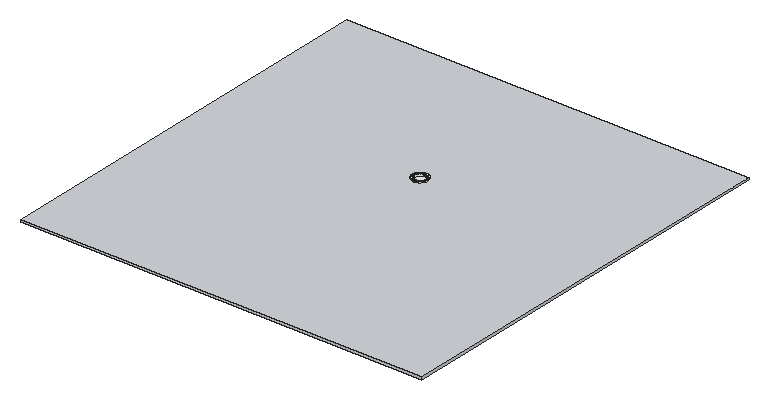
Revit family "Zumtobel PANOS3 R R100", category Lighting Fixtures, host Face, Revit 2018
Family settings
  Host = Face
  Round Connector Dimension = Use Diameter
  Part Type = Normal
  OmniClass Number = 23.80.70.11
  OmniClass Title = Luminaries for Internal Lighting
  Cut with Voids When Loaded = No
  Light Source = Yes
  Shared = No
  Room Calculation Point = No
Parameters (values of type "PANOS3 R R100L WH")
  Width = 109 mm
  Wattage Comments = ""
  Wattage = 7.06871 W
  WH = yes
  built-in parameter 1150110 = 1 (stored number, unit not read)
  Voltage = 230 V
  URL = "http://www.zumtobel.com/60819241"
  Type Comments = "© Zumtobel. We reserve the right to make technical changes without prior notice."  # constant formula
  built-in parameter 1114217 = 1 (stored number, unit not read)
  Tilt Angle = -90.00°
  built-in parameter 1150109 = 1 (stored number, unit not read)
  built-in parameter 1150134 = 12
  built-in parameter 1150113 = 1 (stored number, unit not read)
  Reflector = ZG_Metal_White_Self_Illumination
  R100L = yes
  R100H = no
  Photometric Web File = "60819241_(STD).IES"
  Model = "60819241"
  Manufacturer = "Zumtobel Lighting"  # constant formula
  built-in parameter 1150105 = 993.4 (stored number, unit not read)
  Lumens = 1050 lm
  built-in parameter 1150115 = 1 (stored number, unit not read)
  built-in parameter 1150137 = (empty or 0)
  built-in parameter 1150139 = (empty or 0)
  Length = Width  # 109 mm
  built-in parameter 1150112 = 1 (stored number, unit not read)
  built-in parameter 1150114 = 1 (stored number, unit not read)
  Lamp = "LED"
  built-in parameter 1150132 = 2
  built-in parameter 1150102 = (empty or 0)
  built-in parameter 1150107 = 4000 (stored number, unit not read)
  built-in parameter 1150138 = (empty or 0)
  built-in parameter 1150106 = 9.934 (stored number, unit not read)
  Height = 81 mm
  Emit from Circle Diameter = Cover Diameter  # 109 mm
  Emit Shape Visible in Rendering = yes
  built-in parameter 1150104 = 13.8 (stored number, unit not read)
  Dimming Lamp Color Temperature Shift = <None>
  Description = "LED ceiling-recessed luminaire"  # constant formula
  Default Elevation = 0 mm
  Cutout Diameter = 100 mm
  Cover Diameter = 109 mm
  Color Filter = 16777215
  built-in parameter 1140040 [instance] = 1
  Body = ZG_Metal_White
  built-in parameter 1114218 = 1 (stored number, unit not read)
  built-in parameter 1150133 = 10 (stored number, unit not read)
  Assembly Code = "D5020200"
  Apparent Load = 8.2 VA
Types (4, lengths in mm): name | Width | Wattage | WH | URL | R100L | R100H | Photometric Web File | Model | built-in parameter 1150105 | Lumens | Length | built-in parameter 1150106 | Height | Emit from Circle Diameter | Cutout Diameter | Cover Diameter
  PANOS3 R R100H TL | 100 | 6.59746 W | no | "http://www.zumtobel.com/60819280" | no | yes | "60819280_(STD).IES" | "60819280" | 1078.1 (stored number, unit not read) | 980 lm | 100 | 10.781 (stored number, unit not read) | 105 | 109 | 88.4 | 109
  PANOS3 R R100H WH | 109 | 6.59746 W | yes | "http://www.zumtobel.com/60819279" | no | yes | "60819279_(STD).IES" | "60819279" | 1078.1 (stored number, unit not read) | 980 lm | 109 | 10.781 (stored number, unit not read) | 105 | 113 | 100 | 113
  PANOS3 R R100L TL | 100 | 7.06871 W | no | "http://www.zumtobel.com/60819283" | yes | no | "60819283_(STD).IES" | "60819283" | 993.4 (stored number, unit not read) | 1050 lm | 100 | 9.934 (stored number, unit not read) | 81 | 113 | 88.4 | 113
  PANOS3 R R100L WH | 109 | 7.06871 W | yes | "http://www.zumtobel.com/60819241" | yes | no | "60819241_(STD).IES" | "60819241" | 993.4 (stored number, unit not read) | 1050 lm | 109 | 9.934 (stored number, unit not read) | 81 | 109 | 100 | 109
Reference planes
  plane 1 "Center (Front/Back)": y = 0
  plane 2 "Top": z = 0
  plane 3 "Center (Left/Right)": x = 399.5
  plane 4: z = 1.5
  plane 5: x = 299.5
  plane 6: y = 100
  plane 7: y = -400
  plane 8: x = 799.5
  plane 9: z = -115
  plane 10: z = -15
  plane 11: x = 349.5
  plane 12: x = 449.5
  plane 13: y = 50
  plane 14: y = -50
  plane 15 "Bottom": z = -81
Forms (mm)
  Extrusion 1, solid
    sketch origin (0, 0, 0) x (1, 0, 0) y (0, 1, 0)
      loop
        line (-1016.679, 1125) -> (-1016.679, -1737.29) -> (1803.321, -1737.29) -> (1803.321, 1125) -> (-1016.679, 1125)
    from 0 to -15
  Extrusion 2, void
    sketch origin (0, 0, 0) x (1, 0, 0) y (0, 1, 0)
      loop
        circle (399.5, 0) r 50
    from -20 to 0
  Extrusion 3, solid, material "ZG_Metal_White" <- "Body", visible <- "WH"
    sketch origin (0, 0, 0) x (1, 0, 0) y (0, 1, 0)
      loop
        circle (399.5, 0) r 54.5
      loop
        circle (399.5, 0) r 41.2
    from 0 to 1.5
  Extrusion 4, solid, material "ZG_Metal_Grey", detail levels medium+fine
    sketch origin (0, 0, 0) x (1, 0, 0) y (0, 0, 1)
      loop
        line (350.339, -41.732) -> (350.339, -79.759) -> (355.339, -79.759) -> (355.339, -30.273) -> (350.254, -26.155)
        arc (350.254, -26.155) -> (348.474, -24.285) -> (347.232, -22.021) r 10
        arc (347.232, -22.021) -> (344.979, -18.976) -> (341.497, -17.486) r 7.237
        line (341.497, -17.486) -> (334.492, -16.501) -> (334.522, -18.256) -> (339.774, -19.062)
        arc (339.774, -19.062) -> (342.439, -20.275) -> (344.075, -22.702) r 5.388
        line (344.075, -22.702) -> (350.339, -41.732)
      loop
        line (448.661, -41.732) -> (454.925, -22.702)
        arc (454.925, -22.702) -> (456.561, -20.275) -> (459.226, -19.062) r 5.388
        line (459.226, -19.062) -> (464.478, -18.256) -> (464.508, -16.501) -> (457.503, -17.486)
        arc (457.503, -17.486) -> (454.021, -18.976) -> (451.768, -22.021) r 7.237
        arc (451.768, -22.021) -> (450.526, -24.285) -> (448.746, -26.155) r 10
        line (448.746, -26.155) -> (443.661, -30.273) -> (443.661, -79.759) -> (448.661, -79.759) -> (448.661, -41.732)
    from -17.5 to 17.5
  Revolve 5, solid, material "ZG_Metal_White" <- "Body", visible <- "R100L"
    sketch origin (0, 0, 0) x (1, 0, 0) y (0, 0, 1)
      loop
        line (355.339, 0) -> (355.339, -16.56) -> (356.153, -16.56) -> (357.496, -25.038) -> (355.842, -25.038) -> (356.546, -45.197) -> (359.045, -45.197) -> (359.045, -55.197) -> (360.016, -55.197) -> (360.624, -81) -> (399.5, -81) -> (399.5, -45.197) -> (363.726, -45.197) -> (358.339, -11.185) -> (358.339, 0) -> (355.339, 0)
      axis (399.5, 0) -> (399.5, -81)
    angle from 0 to 360
  Revolve 6, solid, material "ZG_Metal_White" <- "Body", visible <- "R100H"
    sketch origin (0, 0, 0) x (1, 0, 0) y (0, 0, 1)
      loop
        line (355.339, 0) -> (355.339, -16.56) -> (356.153, -16.56) -> (359.402, -37.071) -> (357.748, -37.071) -> (358.321, -53.48) -> (359.335, -53.48) -> (360.022, -73.18) -> (359.009, -73.18) -> (359.386, -84) -> (360.4, -84) -> (360.896, -105) -> (399.5, -105) -> (399.5, -73.18) -> (368.158, -73.18) -> (358.339, -11.185) -> (358.339, 0) -> (355.339, 0)
      axis (399.5, 0) -> (399.5, -105)
    angle from 0 to 360
  Extrusion 7, void
    sketch origin (0, 0, -104) x (-1, 0, 0) y (0, -1, 0)
      loop
        line (-299.5, -100) -> (-299.5, 400) -> (-799.5, 400) -> (-799.5, -100) -> (-299.5, -100)
    from -11 to 89
Dimensions and locks
  locked: plane 4 to plane 2 "Top" at 1.5
  locked: plane 5 to plane 3 "Center (Left/Right)" at 100
  locked: plane 1 "Center (Front/Back)" to plane 6 at 100
  locked: plane 5 to plane 8 at 500
  locked: plane 6 to plane 7 at 500
  locked: plane 10 to plane 9 at 100
  locked: plane 2 "Top" to plane 10 at 15
  "Height": plane 2 "Top" to plane 15 "Bottom"
  "Cutout Diameter": diameter of Extrusion 2 sketch curve
  "Cover Diameter": diameter of Extrusion 3 sketch curve
  aligned and locked: Extrusion 1 to plane 2 "Top"
  aligned and locked: Extrusion 1 to level
  aligned and locked: imposter light to plane 3 "Center (Left/Right)"
  aligned and locked: imposter light to plane 1 "Center (Front/Back)"
  aligned and locked: plane 2 "Top" to Extrusion 2
  aligned and locked: Extrusion 7 sketch curve to plane 6
  aligned and locked: plane 5 to Extrusion 7 sketch curve
  aligned and locked: plane 7 to Extrusion 7 sketch curve
  aligned and locked: Extrusion 7 sketch curve to plane 8
  aligned and locked: Extrusion 7 to plane 9
  aligned and locked: Extrusion 7 to plane 10
  aligned and locked: imposter light to plane 4
Automatic sketch dimensions
  Extrusion 1 sketch curve to Extrusion 1 sketch curve = 2820 mm
  Extrusion 1 sketch curve to Extrusion 1 sketch curve = 2862.29 mm
  Extrusion 4 sketch curve to level = 16.501 mm  (x2)
  plane 3 "Center (Left/Right)" to Extrusion 4 sketch curve = 65.008 mm
  Extrusion 4 sketch curve to level = 18.256 mm  (x2)
  Extrusion 4 sketch curve to Extrusion 4 sketch curve = 0.031 mm  (x2)
  Extrusion 4 sketch curve to Extrusion 4 sketch curve = 4.435 mm
  Extrusion 4 sketch curve to level = 19.062 mm  (x2)
  Extrusion 4 sketch curve to Extrusion 4 sketch curve = 5.252 mm  (x2)
  Extrusion 4 sketch curve to Extrusion 4 sketch curve = 1.532 mm  (x2)
  Extrusion 4 sketch curve to level = 17.486 mm  (x2)
  Extrusion 4 sketch curve to Extrusion 4 sketch curve = 1.723 mm  (x2)
  Extrusion 4 sketch curve to level = 22.702 mm  (x2)
  Extrusion 4 sketch curve to Extrusion 4 sketch curve = 3.585 mm  (x2)
  Extrusion 4 sketch curve to Extrusion 4 sketch curve = 6.179 mm  (x2)
  plane 3 "Center (Left/Right)" to Extrusion 4 sketch curve = 49.161 mm
  Extrusion 4 sketch curve to Extrusion 4 sketch curve = 5 mm  (x2)
  Extrusion 4 sketch curve to Extrusion 4 sketch curve = 6.293 mm
  Extrusion 4 sketch curve to level = 18.384 mm
  Extrusion 4 sketch curve to plane 3 "Center (Left/Right)" = 42.953 mm
  Extrusion 4 sketch curve to Extrusion 4 sketch curve = 1.208 mm
  Extrusion 4 sketch curve to Extrusion 4 sketch curve = 5.085 mm
  Extrusion 4 sketch curve to Extrusion 4 sketch curve = 2.578 mm
  Extrusion 4 sketch curve to Extrusion 4 sketch curve = 19.029 mm  (x2)
  Extrusion 4 sketch curve to Extrusion 4 sketch curve = 11.889 mm
  Extrusion 4 sketch curve to Extrusion 4 sketch curve = 11.459 mm
  Extrusion 4 sketch curve to Extrusion 4 sketch curve = 4.118 mm  (x2)
  Extrusion 4 sketch curve to Extrusion 4 sketch curve = 0.266 mm  (x2)
  Extrusion 4 sketch curve to Extrusion 4 sketch curve = 7.771 mm
  Revolve 6 sketch curve to level = 0 mm
  plane 3 "Center (Left/Right)" to Revolve 6 sketch curve = 0 mm  (x2)
  Revolve 6 sketch curve to Revolve 6 sketch curve = 31.342 mm
  Revolve 6 sketch curve to Revolve 6 sketch curve = 7.262 mm
  Revolve 6 sketch curve to Revolve 6 sketch curve = 7.758 mm
  Revolve 6 sketch curve to Revolve 6 sketch curve = 8.136 mm
  Revolve 6 sketch curve to Revolve 6 sketch curve = 0.621 mm
  Revolve 6 sketch curve to Revolve 6 sketch curve = 1.014 mm  (x3)
  Revolve 6 sketch curve to Revolve 6 sketch curve = 0.067 mm
  Revolve 6 sketch curve to level = 11.185 mm
  Revolve 6 sketch curve to Revolve 6 sketch curve = 1.062 mm
  Revolve 6 sketch curve to Revolve 6 sketch curve = 1.654 mm
  Revolve 6 sketch curve to level = 16.56 mm
  Revolve 6 sketch curve to Revolve 6 sketch curve = 2.186 mm
  Revolve 6 sketch curve to Revolve 6 sketch curve = 3 mm
  Revolve 6 sketch curve to Revolve 6 sketch curve = 10.82 mm
  Revolve 6 sketch curve to Revolve 6 sketch curve = 0 mm
  Revolve 6 sketch curve to Revolve 6 sketch curve = 19.7 mm  (x2)
  Revolve 6 sketch curve to Revolve 6 sketch curve = 16.409 mm
  Revolve 6 sketch curve to Revolve 6 sketch curve = 21.409 mm
  Revolve 5 sketch curve to level = 0 mm
  plane 3 "Center (Left/Right)" to Revolve 5 sketch curve = 0 mm  (x2)
  Revolve 5 sketch curve to Revolve 5 sketch curve = 35.774 mm
  Revolve 5 sketch curve to Revolve 5 sketch curve = 3.102 mm
  Revolve 5 sketch curve to Revolve 5 sketch curve = 3.71 mm
  Revolve 5 sketch curve to Revolve 5 sketch curve = 4.681 mm
  Revolve 5 sketch curve to level = 11.185 mm
  Revolve 5 sketch curve to Revolve 5 sketch curve = 0.706 mm
  Revolve 5 sketch curve to Revolve 5 sketch curve = 0.843 mm
  Revolve 5 sketch curve to Revolve 5 sketch curve = 2.5 mm
  Revolve 5 sketch curve to Revolve 5 sketch curve = 2.186 mm
  Revolve 5 sketch curve to Revolve 5 sketch curve = 1.654 mm
  Revolve 5 sketch curve to Revolve 5 sketch curve = 3 mm
  Revolve 5 sketch curve to Revolve 5 sketch curve = 5.376 mm
  Revolve 5 sketch curve to Revolve 5 sketch curve = 8.477 mm
  Revolve 5 sketch curve to Revolve 5 sketch curve = 20.159 mm
  Revolve 5 sketch curve to Revolve 5 sketch curve = 0 mm
  Revolve 5 sketch curve to Revolve 5 sketch curve = 10 mm
  Revolve 5 sketch curve to Revolve 5 sketch curve = 25.803 mm
  Revolve 5 sketch curve to Revolve 5 sketch curve = 13.127 mm
  Revolve 5 sketch curve to Revolve 5 sketch curve = 8.283 mm
  Extrusion 3 sketch curve to Extrusion 3 sketch curve = 0 mm  (x2)
  plane 1 "Center (Front/Back)" to Extrusion 3 sketch curve = 0 mm
  Extrusion 3 sketch curve to plane 3 "Center (Left/Right)" = 0 mm
  Extrusion 4 sketch curve to Extrusion 4 sketch curve = 38.027 mm  (x2)
  Revolve 6 sketch curve to Revolve 6 sketch curve = 20.51 mm
  Revolve 6 sketch curve to Revolve 6 sketch curve = 21 mm
  plane 1 "Center (Front/Back)" to Extrusion 2 sketch curve = 0 mm
  Extrusion 2 sketch curve to plane 3 "Center (Left/Right)" = 0 mm
  radius of Extrusion 3 sketch curve = 41.2 mm
Connectors
  electrical at (399.5, 0, -81), driven by "Voltage", driven by "Apparent Load"
    settings: index 1, voltage 230 V, apparent load 8.2 VA, apparent load phase1 0 VA, apparent load phase2 0 VA, apparent load phase3 0 VA, power factor 1, load classification "Lighting", number of poles 1, system type 30, power factor state 1, is connector primary yes, connector utility no, sub classification motor no, connector description "Power"
